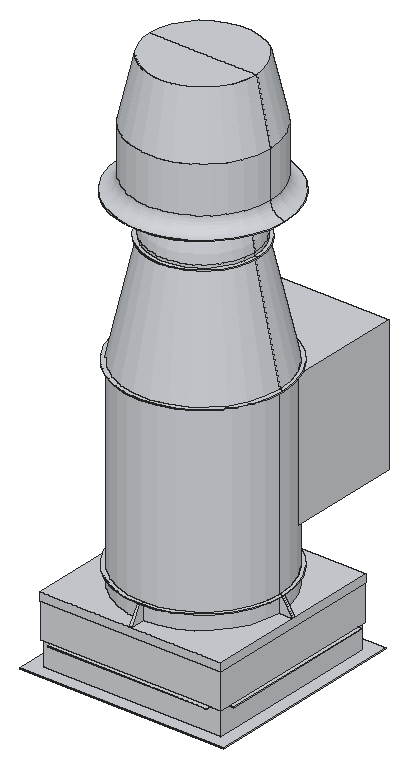
Revit family "QMXVP_with_Isolation_Box", category Mechanical Equipment, Revit 2019 (continued)
Types (225): name | UNIT_RADIUS+4" | UNIT_RADIUS*.6 | UNIT_RADIUS | UNIT_OD | UNIT_HEIGHT*.75 | UNIT_HEIGHT | TYPE | TRANSITION_TOP | RO/2 | RO | NOZZLE_WB_RAD-2" | NOZZLE_WB_RAD | NOZZLE_WB/4 | NOZZLE_TOP_RAD | NOZZLE_TOP_OD | NOZZLE_SIZE | NOZZLE_HEIGHT/7*2 | NOZZLE_HEIGHT | NOZZLE_BOTTOM_RAD | NOZZLE_WB_OD | NOZZLE_BOTTOM_ID | GA | E | C/2 | C | B/2 | B | A/2 | A | Type Comments | Model | (NOZZLE_WB_OD-NOZZLE_TOP_OD)/2 | (NOZZLE_HEIGHT-(NOZZLE_HEIGHT/8*2))/2 | (A/2)+.25"
  245_QMXVP-21H-Isolation_Box | 1' - 9 3/8" | 1' - 3.6375" | 1' - 5 3/8" | 2' - 10 3/4" | 2' - 9 3/8" | 3' - 8 1/2" | 0' - 0" | 5' - 9 11/16" | 1' - 6 3/8" | 3' - 0 3/4" | 1' - 10 1/2" | 2' - 0 1/2" | 0' - 9.8" | 1' - 3 3/8" | 2' - 6 3/4" | 21' - 0" | 1' - 1 3/16" | 4' - 4 3/4" | 1' - 2 3/8" | 4' - 1" | 2' - 4 3/4" | 0' - 0 27/256" | 3' - 6 15/16" | 2' - 5 1/2" | 4' - 11" | 5' - 0 1/2" | 10' - 1" | 1' - 10" | 3' - 8" | "Vari-Plume Laboratory Exhaust Mixed-Flow Inline Belt Drive With Isolation Box\r\n" | "QMXVP-Isolation Box" | 0' - 4 9/16" | 1' - 7 25/32" | 1' - 10 1/4"
  245_QMXVP-21L-Isolation_Box | 1' - 9 3/8" | 1' - 3.6375" | 1' - 5 3/8" | 2' - 10 3/4" | 2' - 9 3/8" | 3' - 8 1/2" | 0' - 0" | 5' - 9 11/16" | 1' - 6 3/8" | 3' - 0 3/4" | 1' - 10 1/2" | 2' - 0 1/2" | 0' - 9.8" | 1' - 3 3/8" | 2' - 6 3/4" | 21' - 0" | 1' - 1 3/16" | 4' - 4 3/4" | 1' - 2 3/8" | 4' - 1" | 2' - 4 3/4" | 0' - 0 27/256" | 3' - 6 15/16" | 2' - 5 1/2" | 4' - 11" | 5' - 0 1/2" | 10' - 1" | 1' - 10" | 3' - 8" | "Vari-Plume Laboratory Exhaust Mixed-Flow Inline Belt Drive With Isolation Box\r\n" | "QMXVP-Isolation Box" | 0' - 4 9/16" | 1' - 7 25/32" | 1' - 10 1/4"
  270_QMXHPVP-21H-Isolation_Box | 1' - 11 5/32" | 1' - 5.24062" | 1' - 7 5/32" | 3' - 2 5/16" | 2' - 11 1/4" | 3' - 11" | 1' - 0" | 6' - 7 3/16" | 1' - 8 3/8" | 3' - 4 3/4" | 1' - 10 1/2" | 2' - 0 1/2" | 0' - 9.8" | 1' - 3 3/8" | 2' - 6 3/4" | 21' - 0" | 1' - 1 3/16" | 4' - 4 3/4" | 1' - 2 3/8" | 4' - 1" | 2' - 4 3/4" | 0' - 0 27/256" | 3' - 10 15/16" | 2' - 7 1/2" | 5' - 3" | 5' - 4" | 10' - 8" | 2' - 0" | 4' - 0" | "Vari-Plume Laboratory Exhaust Mixed-Flow High Pressure Inline Belt Drive With Isolation Box\r\n" | "QMXHPVP-Isolation Box" | 0' - 4 9/16" | 1' - 7 25/32" | 2' - 0 1/4"
  270_QMXHPVP-21L-Isolation_Box | 1' - 11 5/32" | 1' - 5.24062" | 1' - 7 5/32" | 3' - 2 5/16" | 2' - 11 1/4" | 3' - 11" | 1' - 0" | 6' - 7 3/16" | 1' - 8 3/8" | 3' - 4 3/4" | 1' - 10 1/2" | 2' - 0 1/2" | 0' - 9.8" | 1' - 3 3/8" | 2' - 6 3/4" | 21' - 0" | 1' - 1 3/16" | 4' - 4 3/4" | 1' - 2 3/8" | 4' - 1" | 2' - 4 3/4" | 0' - 0 27/256" | 3' - 10 15/16" | 2' - 7 1/2" | 5' - 3" | 5' - 4" | 10' - 8" | 2' - 0" | 4' - 0" | "Vari-Plume Laboratory Exhaust Mixed-Flow High Pressure Inline Belt Drive With Isolation Box\r\n" | "QMXHPVP-Isolation Box" | 0' - 4 9/16" | 1' - 7 25/32" | 2' - 0 1/4"
  270_QMXVP-21H-Isolation_Box | 1' - 11 5/32" | 1' - 5.24062" | 1' - 7 5/32" | 3' - 2 5/16" | 2' - 11 1/4" | 3' - 11" | 0' - 0" | 6' - 7 3/16" | 1' - 8 3/8" | 3' - 4 3/4" | 1' - 10 1/2" | 2' - 0 1/2" | 0' - 9.8" | 1' - 3 3/8" | 2' - 6 3/4" | 21' - 0" | 1' - 1 3/16" | 4' - 4 3/4" | 1' - 2 3/8" | 4' - 1" | 2' - 4 3/4" | 0' - 0 27/256" | 3' - 10 15/16" | 2' - 7 1/2" | 5' - 3" | 5' - 4" | 10' - 8" | 2' - 0" | 4' - 0" | "Vari-Plume Laboratory Exhaust Mixed-Flow Inline Belt Drive With Isolation Box\r\n" | "QMXVP-Isolation Box" | 0' - 4 9/16" | 1' - 7 25/32" | 2' - 0 1/4"
  270_QMXVP-21L-Isolation_Box | 1' - 11 5/32" | 1' - 5.24062" | 1' - 7 5/32" | 3' - 2 5/16" | 2' - 11 1/4" | 3' - 11" | 0' - 0" | 6' - 7 3/16" | 1' - 8 3/8" | 3' - 4 3/4" | 1' - 10 1/2" | 2' - 0 1/2" | 0' - 9.8" | 1' - 3 3/8" | 2' - 6 3/4" | 21' - 0" | 1' - 1 3/16" | 4' - 4 3/4" | 1' - 2 3/8" | 4' - 1" | 2' - 4 3/4" | 0' - 0 27/256" | 3' - 10 15/16" | 2' - 7 1/2" | 5' - 3" | 5' - 4" | 10' - 8" | 2' - 0" | 4' - 0" | "Vari-Plume Laboratory Exhaust Mixed-Flow Inline Belt Drive With Isolation Box\r\n" | "QMXVP-Isolation Box" | 0' - 4 9/16" | 1' - 7 25/32" | 2' - 0 1/4"
  300_QMXHPVP-21H-Isolation_Box | 2' - 1 1/4" | 1' - 7 1/8" | 1' - 9 1/4" | 3' - 6 1/2" | 3' - 4 1/2" | 4' - 6" | 1' - 0" | 7' - 10 3/16" | 1' - 10 3/8" | 3' - 8 3/4" | 1' - 10 1/2" | 2' - 0 1/2" | 0' - 9.8" | 1' - 3 3/8" | 2' - 6 3/4" | 21' - 0" | 1' - 1 3/16" | 4' - 4 3/4" | 1' - 2 3/8" | 4' - 1" | 2' - 4 3/4" | 0' - 0 27/256" | 4' - 2 15/16" | 2' - 9 1/2" | 5' - 7" | 6' - 2" | 12' - 4" | 2' - 2" | 4' - 4" | "Vari-Plume Laboratory Exhaust Mixed-Flow High Pressure Inline Belt Drive With Isolation Box\r\n" | "QMXHPVP-Isolation Box" | 0' - 4 9/16" | 1' - 7 25/32" | 2' - 2 1/4"
  300_QMXHPVP-21L-Isolation_Box | 2' - 1 1/4" | 1' - 7 1/8" | 1' - 9 1/4" | 3' - 6 1/2" | 3' - 4 1/2" | 4' - 6" | 1' - 0" | 7' - 10 3/16" | 1' - 10 3/8" | 3' - 8 3/4" | 1' - 10 1/2" | 2' - 0 1/2" | 0' - 9.8" | 1' - 3 3/8" | 2' - 6 3/4" | 21' - 0" | 1' - 1 3/16" | 4' - 4 3/4" | 1' - 2 3/8" | 4' - 1" | 2' - 4 3/4" | 0' - 0 27/256" | 4' - 2 15/16" | 2' - 9 1/2" | 5' - 7" | 6' - 2" | 12' - 4" | 2' - 2" | 4' - 4" | "Vari-Plume Laboratory Exhaust Mixed-Flow High Pressure Inline Belt Drive With Isolation Box\r\n" | "QMXHPVP-Isolation Box" | 0' - 4 9/16" | 1' - 7 25/32" | 2' - 2 1/4"
  300_QMXVP-21H-Isolation_Box | 2' - 1 1/4" | 1' - 7 1/8" | 1' - 9 1/4" | 3' - 6 1/2" | 3' - 4 1/2" | 4' - 6" | 0' - 0" | 7' - 10 3/16" | 1' - 10 3/8" | 3' - 8 3/4" | 1' - 10 1/2" | 2' - 0 1/2" | 0' - 9.8" | 1' - 3 3/8" | 2' - 6 3/4" | 21' - 0" | 1' - 1 3/16" | 4' - 4 3/4" | 1' - 2 3/8" | 4' - 1" | 2' - 4 3/4" | 0' - 0 27/256" | 4' - 2 15/16" | 2' - 9 1/2" | 5' - 7" | 6' - 2" | 12' - 4" | 2' - 2" | 4' - 4" | "Vari-Plume Laboratory Exhaust Mixed-Flow Inline Belt Drive With Isolation Box\r\n" | "QMXVP-Isolation Box" | 0' - 4 9/16" | 1' - 7 25/32" | 2' - 2 1/4"
  300_QMXVP-21L-Isolation_Box | 2' - 1 1/4" | 1' - 7 1/8" | 1' - 9 1/4" | 3' - 6 1/2" | 3' - 4 1/2" | 4' - 6" | 0' - 0" | 7' - 10 3/16" | 1' - 10 3/8" | 3' - 8 3/4" | 1' - 10 1/2" | 2' - 0 1/2" | 0' - 9.8" | 1' - 3 3/8" | 2' - 6 3/4" | 21' - 0" | 1' - 1 3/16" | 4' - 4 3/4" | 1' - 2 3/8" | 4' - 1" | 2' - 4 3/4" | 0' - 0 27/256" | 4' - 2 15/16" | 2' - 9 1/2" | 5' - 7" | 6' - 2" | 12' - 4" | 2' - 2" | 4' - 4" | "Vari-Plume Laboratory Exhaust Mixed-Flow Inline Belt Drive With Isolation Box\r\n" | "QMXVP-Isolation Box" | 0' - 4 9/16" | 1' - 7 25/32" | 2' - 2 1/4"
  270_QMXHPVP-27H-Isolation_Box | 1' - 11 5/32" | 1' - 5.24062" | 1' - 7 5/32" | 3' - 2 5/16" | 2' - 11 1/4" | 3' - 11" | 1' - 0" | 5' - 2 1/4" | 1' - 8 3/8" | 3' - 4 3/4" | 2' - 4 1/2" | 2' - 6 1/2" | 1' - 0.2" | 1' - 7 27/32" | 3' - 3 11/16" | 27' - 0" | 1' - 3 5/32" | 5' - 0 5/8" | 1' - 7 5/32" | 5' - 1" | 3' - 2 5/16" | 0' - 0 27/256" | 3' - 10 15/16" | 2' - 7 1/2" | 5' - 3" | 5' - 4" | 10' - 8" | 2' - 0" | 4' - 0" | "Vari-Plume Laboratory Exhaust Mixed-Flow High Pressure Inline Belt Drive With Isolation Box\r\n" | "QMXHPVP-Isolation Box" | 0' - 5 21/64" | 1' - 10 47/64" | 2' - 0 1/4"
  270_QMXHPVP-27L-Isolation_Box | 1' - 11 5/32" | 1' - 5.24062" | 1' - 7 5/32" | 3' - 2 5/16" | 2' - 11 1/4" | 3' - 11" | 1' - 0" | 5' - 2 1/4" | 1' - 8 3/8" | 3' - 4 3/4" | 2' - 4 1/2" | 2' - 6 1/2" | 1' - 0.2" | 1' - 7 27/32" | 3' - 3 11/16" | 27' - 0" | 1' - 3 5/32" | 5' - 0 5/8" | 1' - 7 5/32" | 5' - 1" | 3' - 2 5/16" | 0' - 0 27/256" | 3' - 10 15/16" | 2' - 7 1/2" | 5' - 3" | 5' - 4" | 10' - 8" | 2' - 0" | 4' - 0" | "Vari-Plume Laboratory Exhaust Mixed-Flow High Pressure Inline Belt Drive With Isolation Box\r\n" | "QMXHPVP-Isolation Box" | 0' - 5 21/64" | 1' - 10 47/64" | 2' - 0 1/4"
  270_QMXVP-27H-Isolation_Box | 1' - 11 5/32" | 1' - 5.24062" | 1' - 7 5/32" | 3' - 2 5/16" | 2' - 11 1/4" | 3' - 11" | 0' - 0" | 5' - 2 1/4" | 1' - 8 3/8" | 3' - 4 3/4" | 2' - 4 1/2" | 2' - 6 1/2" | 1' - 0.2" | 1' - 7 27/32" | 3' - 3 11/16" | 27' - 0" | 1' - 3 5/32" | 5' - 0 5/8" | 1' - 7 5/32" | 5' - 1" | 3' - 2 5/16" | 0' - 0 27/256" | 3' - 10 15/16" | 2' - 7 1/2" | 5' - 3" | 5' - 4" | 10' - 8" | 2' - 0" | 4' - 0" | "Vari-Plume Laboratory Exhaust Mixed-Flow Inline Belt Drive With Isolation Box\r\n" | "QMXVP-Isolation Box" | 0' - 5 21/64" | 1' - 10 47/64" | 2' - 0 1/4"
  270_QMXVP-27L-Isolation_Box | 1' - 11 5/32" | 1' - 5.24062" | 1' - 7 5/32" | 3' - 2 5/16" | 2' - 11 1/4" | 3' - 11" | 0' - 0" | 5' - 2 1/4" | 1' - 8 3/8" | 3' - 4 3/4" | 2' - 4 1/2" | 2' - 6 1/2" | 1' - 0.2" | 1' - 7 27/32" | 3' - 3 11/16" | 27' - 0" | 1' - 3 5/32" | 5' - 0 5/8" | 1' - 7 5/32" | 5' - 1" | 3' - 2 5/16" | 0' - 0 27/256" | 3' - 10 15/16" | 2' - 7 1/2" | 5' - 3" | 5' - 4" | 10' - 8" | 2' - 0" | 4' - 0" | "Vari-Plume Laboratory Exhaust Mixed-Flow Inline Belt Drive With Isolation Box\r\n" | "QMXVP-Isolation Box" | 0' - 5 21/64" | 1' - 10 47/64" | 2' - 0 1/4"
  300_QMXHPVP-27H-Isolation_Box | 2' - 1 1/4" | 1' - 7 1/8" | 1' - 9 1/4" | 3' - 6 1/2" | 3' - 4 1/2" | 4' - 6" | 1' - 0" | 6' - 5 1/4" | 1' - 10 3/8" | 3' - 8 3/4" | 2' - 4 1/2" | 2' - 6 1/2" | 1' - 0.2" | 1' - 7 27/32" | 3' - 3 11/16" | 27' - 0" | 1' - 3 5/32" | 5' - 0 5/8" | 1' - 7 5/32" | 5' - 1" | 3' - 2 5/16" | 0' - 0 27/256" | 4' - 2 15/16" | 2' - 9 1/2" | 5' - 7" | 6' - 2" | 12' - 4" | 2' - 2" | 4' - 4" | "Vari-Plume Laboratory Exhaust Mixed-Flow High Pressure Inline Belt Drive With Isolation Box\r\n" | "QMXHPVP-Isolation Box" | 0' - 5 21/64" | 1' - 10 47/64" | 2' - 2 1/4"
  300_QMXHPVP-27L-Isolation_Box | 2' - 1 1/4" | 1' - 7 1/8" | 1' - 9 1/4" | 3' - 6 1/2" | 3' - 4 1/2" | 4' - 6" | 1' - 0" | 6' - 5 1/4" | 1' - 10 3/8" | 3' - 8 3/4" | 2' - 4 1/2" | 2' - 6 1/2" | 1' - 0.2" | 1' - 7 27/32" | 3' - 3 11/16" | 27' - 0" | 1' - 3 5/32" | 5' - 0 5/8" | 1' - 7 5/32" | 5' - 1" | 3' - 2 5/16" | 0' - 0 27/256" | 4' - 2 15/16" | 2' - 9 1/2" | 5' - 7" | 6' - 2" | 12' - 4" | 2' - 2" | 4' - 4" | "Vari-Plume Laboratory Exhaust Mixed-Flow High Pressure Inline Belt Drive With Isolation Box\r\n" | "QMXHPVP-Isolation Box" | 0' - 5 21/64" | 1' - 10 47/64" | 2' - 2 1/4"
  300_QMXVP-27H-Isolation_Box | 2' - 1 1/4" | 1' - 7 1/8" | 1' - 9 1/4" | 3' - 6 1/2" | 3' - 4 1/2" | 4' - 6" | 0' - 0" | 6' - 5 1/4" | 1' - 10 3/8" | 3' - 8 3/4" | 2' - 4 1/2" | 2' - 6 1/2" | 1' - 0.2" | 1' - 7 27/32" | 3' - 3 11/16" | 27' - 0" | 1' - 3 5/32" | 5' - 0 5/8" | 1' - 7 5/32" | 5' - 1" | 3' - 2 5/16" | 0' - 0 27/256" | 4' - 2 15/16" | 2' - 9 1/2" | 5' - 7" | 6' - 2" | 12' - 4" | 2' - 2" | 4' - 4" | "Vari-Plume Laboratory Exhaust Mixed-Flow Inline Belt Drive With Isolation Box\r\n" | "QMXVP-Isolation Box" | 0' - 5 21/64" | 1' - 10 47/64" | 2' - 2 1/4"
  300_QMXVP-27L-Isolation_Box | 2' - 1 1/4" | 1' - 7 1/8" | 1' - 9 1/4" | 3' - 6 1/2" | 3' - 4 1/2" | 4' - 6" | 0' - 0" | 6' - 5 1/4" | 1' - 10 3/8" | 3' - 8 3/4" | 2' - 4 1/2" | 2' - 6 1/2" | 1' - 0.2" | 1' - 7 27/32" | 3' - 3 11/16" | 27' - 0" | 1' - 3 5/32" | 5' - 0 5/8" | 1' - 7 5/32" | 5' - 1" | 3' - 2 5/16" | 0' - 0 27/256" | 4' - 2 15/16" | 2' - 9 1/2" | 5' - 7" | 6' - 2" | 12' - 4" | 2' - 2" | 4' - 4" | "Vari-Plume Laboratory Exhaust Mixed-Flow Inline Belt Drive With Isolation Box\r\n" | "QMXVP-Isolation Box" | 0' - 5 21/64" | 1' - 10 47/64" | 2' - 2 1/4"
  330_QMXHPVP-27H-Isolation_Box | 2' - 3 3/8" | 1' - 9.0375" | 1' - 11 3/8" | 3' - 10 3/4" | 3' - 7 7/8" | 4' - 10 1/2" | 1' - 0" | 7' - 5 3/4" | 2' - 0 5/16" | 4' - 0 5/8" | 2' - 4 1/2" | 2' - 6 1/2" | 1' - 0.2" | 1' - 7 27/32" | 3' - 3 11/16" | 27' - 0" | 1' - 3 5/32" | 5' - 0 5/8" | 1' - 7 5/32" | 5' - 1" | 3' - 2 5/16" | 0' - 0 27/256" | 4' - 6 13/16" | 3' - 0 1/2" | 6' - 1" | 6' - 5" | 12' - 10" | 2' - 4" | 4' - 8" | "Vari-Plume Laboratory Exhaust Mixed-Flow High Pressure Inline Belt Drive With Isolation Box\r\n" | "QMXHPVP-Isolation Box" | 0' - 5 21/64" | 1' - 10 47/64" | 2' - 4 1/4"
  330_QMXHPVP-27L-Isolation_Box | 2' - 3 3/8" | 1' - 9.0375" | 1' - 11 3/8" | 3' - 10 3/4" | 3' - 7 7/8" | 4' - 10 1/2" | 1' - 0" | 7' - 5 3/4" | 2' - 0 5/16" | 4' - 0 5/8" | 2' - 4 1/2" | 2' - 6 1/2" | 1' - 0.2" | 1' - 7 27/32" | 3' - 3 11/16" | 27' - 0" | 1' - 3 5/32" | 5' - 0 5/8" | 1' - 7 5/32" | 5' - 1" | 3' - 2 5/16" | 0' - 0 27/256" | 4' - 6 13/16" | 3' - 0 1/2" | 6' - 1" | 6' - 5" | 12' - 10" | 2' - 4" | 4' - 8" | "Vari-Plume Laboratory Exhaust Mixed-Flow High Pressure Inline Belt Drive With Isolation Box\r\n" | "QMXHPVP-Isolation Box" | 0' - 5 21/64" | 1' - 10 47/64" | 2' - 4 1/4"
  330_QMXVP-27H-Isolation_Box | 2' - 3 3/8" | 1' - 9.0375" | 1' - 11 3/8" | 3' - 10 3/4" | 3' - 7 7/8" | 4' - 10 1/2" | 0' - 0" | 7' - 5 3/4" | 2' - 0 5/16" | 4' - 0 5/8" | 2' - 4 1/2" | 2' - 6 1/2" | 1' - 0.2" | 1' - 7 27/32" | 3' - 3 11/16" | 27' - 0" | 1' - 3 5/32" | 5' - 0 5/8" | 1' - 7 5/32" | 5' - 1" | 3' - 2 5/16" | 0' - 0 27/256" | 4' - 6 13/16" | 3' - 0 1/2" | 6' - 1" | 6' - 5" | 12' - 10" | 2' - 4" | 4' - 8" | "Vari-Plume Laboratory Exhaust Mixed-Flow Inline Belt Drive With Isolation Box\r\n" | "QMXVP-Isolation Box" | 0' - 5 21/64" | 1' - 10 47/64" | 2' - 4 1/4"
  330_QMXVP-27L-Isolation_Box | 2' - 3 3/8" | 1' - 9.0375" | 1' - 11 3/8" | 3' - 10 3/4" | 3' - 7 7/8" | 4' - 10 1/2" | 0' - 0" | 7' - 5 3/4" | 2' - 0 5/16" | 4' - 0 5/8" | 2' - 4 1/2" | 2' - 6 1/2" | 1' - 0.2" | 1' - 7 27/32" | 3' - 3 11/16" | 27' - 0" | 1' - 3 5/32" | 5' - 0 5/8" | 1' - 7 5/32" | 5' - 1" | 3' - 2 5/16" | 0' - 0 27/256" | 4' - 6 13/16" | 3' - 0 1/2" | 6' - 1" | 6' - 5" | 12' - 10" | 2' - 4" | 4' - 8" | "Vari-Plume Laboratory Exhaust Mixed-Flow Inline Belt Drive With Isolation Box\r\n" | "QMXVP-Isolation Box" | 0' - 5 21/64" | 1' - 10 47/64" | 2' - 4 1/4"
  365_QMXHPVP-27H-Isolation_Box | 2' - 5 7/8" | 1' - 11.2875" | 2' - 1 7/8" | 4' - 3 3/4" | 4' - 0" | 5' - 4" | 1' - 0" | 8' - 8 1/4" | 2' - 3 1/4" | 4' - 6 1/2" | 2' - 4 1/2" | 2' - 6 1/2" | 1' - 0.2" | 1' - 7 27/32" | 3' - 3 11/16" | 27' - 0" | 1' - 3 5/32" | 5' - 0 5/8" | 1' - 7 5/32" | 5' - 1" | 3' - 2 5/16" | 0' - 0 27/256" | 5' - 0 3/4" | 3' - 3 1/2" | 6' - 7" | 7' - 3 1/2" | 14' - 7" | 2' - 7" | 5' - 2" | "Vari-Plume Laboratory Exhaust Mixed-Flow High Pressure Inline Belt Drive With Isolation Box\r\n" | "QMXHPVP-Isolation Box" | 0' - 5 21/64" | 1' - 10 47/64" | 2' - 7 1/4"
  365_QMXHPVP-27L-Isolation_Box | 2' - 5 7/8" | 1' - 11.2875" | 2' - 1 7/8" | 4' - 3 3/4" | 4' - 0" | 5' - 4" | 1' - 0" | 8' - 8 1/4" | 2' - 3 1/4" | 4' - 6 1/2" | 2' - 4 1/2" | 2' - 6 1/2" | 1' - 0.2" | 1' - 7 27/32" | 3' - 3 11/16" | 27' - 0" | 1' - 3 5/32" | 5' - 0 5/8" | 1' - 7 5/32" | 5' - 1" | 3' - 2 5/16" | 0' - 0 27/256" | 5' - 0 3/4" | 3' - 3 1/2" | 6' - 7" | 7' - 3 1/2" | 14' - 7" | 2' - 7" | 5' - 2" | "Vari-Plume Laboratory Exhaust Mixed-Flow High Pressure Inline Belt Drive With Isolation Box\r\n" | "QMXHPVP-Isolation Box" | 0' - 5 21/64" | 1' - 10 47/64" | 2' - 7 1/4"
  365_QMXVP-27H-Isolation_Box | 2' - 5 7/8" | 1' - 11.2875" | 2' - 1 7/8" | 4' - 3 3/4" | 4' - 0" | 5' - 4" | 0' - 0" | 8' - 8 1/4" | 2' - 3 1/4" | 4' - 6 1/2" | 2' - 4 1/2" | 2' - 6 1/2" | 1' - 0.2" | 1' - 7 27/32" | 3' - 3 11/16" | 27' - 0" | 1' - 3 5/32" | 5' - 0 5/8" | 1' - 7 5/32" | 5' - 1" | 3' - 2 5/16" | 0' - 0 27/256" | 5' - 0 3/4" | 3' - 3 1/2" | 6' - 7" | 7' - 3 1/2" | 14' - 7" | 2' - 7" | 5' - 2" | "Vari-Plume Laboratory Exhaust Mixed-Flow Inline Belt Drive With Isolation Box\r\n" | "QMXVP-Isolation Box" | 0' - 5 21/64" | 1' - 10 47/64" | 2' - 7 1/4"
  365_QMXVP-27L-Isolation_Box | 2' - 5 7/8" | 1' - 11.2875" | 2' - 1 7/8" | 4' - 3 3/4" | 4' - 0" | 5' - 4" | 0' - 0" | 8' - 8 1/4" | 2' - 3 1/4" | 4' - 6 1/2" | 2' - 4 1/2" | 2' - 6 1/2" | 1' - 0.2" | 1' - 7 27/32" | 3' - 3 11/16" | 27' - 0" | 1' - 3 5/32" | 5' - 0 5/8" | 1' - 7 5/32" | 5' - 1" | 3' - 2 5/16" | 0' - 0 27/256" | 5' - 0 3/4" | 3' - 3 1/2" | 6' - 7" | 7' - 3 1/2" | 14' - 7" | 2' - 7" | 5' - 2" | "Vari-Plume Laboratory Exhaust Mixed-Flow Inline Belt Drive With Isolation Box\r\n" | "QMXVP-Isolation Box" | 0' - 5 21/64" | 1' - 10 47/64" | 2' - 7 1/4"
  402_QMXHPVP-27H-Isolation_Box | 2' - 8 15/32" | 2' - 1.62188" | 2' - 4 15/32" | 4' - 8 15/16" | 4' - 3 3/8" | 5' - 8 1/2" | 1' - 0" | 9' - 10 3/4" | 2' - 5 23/32" | 4' - 11 7/16" | 2' - 4 1/2" | 2' - 6 1/2" | 1' - 0.2" | 1' - 7 27/32" | 3' - 3 11/16" | 27' - 0" | 1' - 3 5/32" | 5' - 0 5/8" | 1' - 7 5/32" | 5' - 1" | 3' - 2 5/16" | 0' - 0 27/256" | 5' - 5 3/4" | 3' - 8" | 7' - 4" | 7' - 7 1/2" | 15' - 3" | 2' - 9 1/2" | 5' - 7" | "Vari-Plume Laboratory Exhaust Mixed-Flow High Pressure Inline Belt Drive With Isolation Box\r\n" | "QMXHPVP-Isolation Box" | 0' - 5 21/64" | 1' - 10 47/64" | 2' - 9 3/4"
  402_QMXHPVP-27L-Isolation_Box | 2' - 8 15/32" | 2' - 1.62188" | 2' - 4 15/32" | 4' - 8 15/16" | 4' - 3 3/8" | 5' - 8 1/2" | 1' - 0" | 9' - 10 3/4" | 2' - 5 23/32" | 4' - 11 7/16" | 2' - 4 1/2" | 2' - 6 1/2" | 1' - 0.2" | 1' - 7 27/32" | 3' - 3 11/16" | 27' - 0" | 1' - 3 5/32" | 5' - 0 5/8" | 1' - 7 5/32" | 5' - 1" | 3' - 2 5/16" | 0' - 0 27/256" | 5' - 5 3/4" | 3' - 8" | 7' - 4" | 7' - 7 1/2" | 15' - 3" | 2' - 9 1/2" | 5' - 7" | "Vari-Plume Laboratory Exhaust Mixed-Flow High Pressure Inline Belt Drive With Isolation Box\r\n" | "QMXHPVP-Isolation Box" | 0' - 5 21/64" | 1' - 10 47/64" | 2' - 9 3/4"
  402_QMXVP-27H-Isolation_Box | 2' - 8 15/32" | 2' - 1.62188" | 2' - 4 15/32" | 4' - 8 15/16" | 4' - 3 3/8" | 5' - 8 1/2" | 0' - 0" | 9' - 10 3/4" | 2' - 5 23/32" | 4' - 11 7/16" | 2' - 4 1/2" | 2' - 6 1/2" | 1' - 0.2" | 1' - 7 27/32" | 3' - 3 11/16" | 27' - 0" | 1' - 3 5/32" | 5' - 0 5/8" | 1' - 7 5/32" | 5' - 1" | 3' - 2 5/16" | 0' - 0 27/256" | 5' - 5 3/4" | 3' - 8" | 7' - 4" | 7' - 7 1/2" | 15' - 3" | 2' - 9 1/2" | 5' - 7" | "Vari-Plume Laboratory Exhaust Mixed-Flow Inline Belt Drive With Isolation Box\r\n" | "QMXVP-Isolation Box" | 0' - 5 21/64" | 1' - 10 47/64" | 2' - 9 3/4"
  402_QMXVP-27L-Isolation_Box | 2' - 8 15/32" | 2' - 1.62188" | 2' - 4 15/32" | 4' - 8 15/16" | 4' - 3 3/8" | 5' - 8 1/2" | 0' - 0" | 9' - 10 3/4" | 2' - 5 23/32" | 4' - 11 7/16" | 2' - 4 1/2" | 2' - 6 1/2" | 1' - 0.2" | 1' - 7 27/32" | 3' - 3 11/16" | 27' - 0" | 1' - 3 5/32" | 5' - 0 5/8" | 1' - 7 5/32" | 5' - 1" | 3' - 2 5/16" | 0' - 0 27/256" | 5' - 5 3/4" | 3' - 8" | 7' - 4" | 7' - 7 1/2" | 15' - 3" | 2' - 9 1/2" | 5' - 7" | "Vari-Plume Laboratory Exhaust Mixed-Flow Inline Belt Drive With Isolation Box\r\n" | "QMXVP-Isolation Box" | 0' - 5 21/64" | 1' - 10 47/64" | 2' - 9 3/4"
